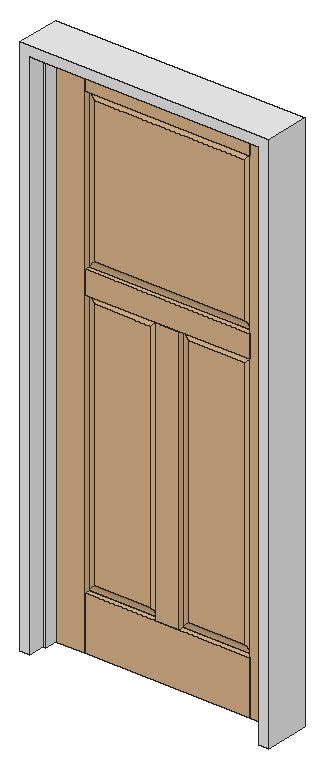
Revit family
Parameters (values of type "2 1/4" Raised Panel")
  URL = "http://www.karonadoor.com"
  Thickness Note = "Do not edit thickness."  # constant formula
  Thickness = 2.250"
  Swing Angle 2D = 90.00°
  SmartBIM Object Version = 1.1  # constant formula
  SmartBIM Object Created By = "Reed Construction Data"  # constant formula
  Rough Width = 0.000"
  Rough Height = 0.000"
  Panel = Panel_K5320_Karona : 2 1/4" - Raised Panel
  Model = "K5320 Square"  # constant formula
  Manufacturer = "Karona , Inc."  # constant formula
  Interior Panel = Wood, Cherry - Grain Vertical
  Door Panel = Wood, Cherry - Grain Vertical
  Detail Door Thickness = 2.250"
  Assembly Code = ""
  Top Rail Height = 5.000"
  Top Rail = Wood, Cherry - Grain Horizontal
  Stile Width = 5.063"
  Stile = Wood, Cherry - Grain Vertical
  Sticking = Wood, Cherry - Grain Vertical
  Middle Rail = Wood, Cherry - Grain Horizontal
  Height = 84.000"  # constant formula
  Wall Closure = (empty or 0)
  Width = 36.000"
  Frame = Metal
  Bottom Rail Height = 8.500"
  Bottom Rail = Wood, Cherry - Grain Horizontal
  95 CSI = "08210"  # constant formula
  04 CSI = "08 14 33"  # constant formula
Types (9): name | Thickness | Rough Height | Panel | Detail Door Thickness | Top Rail
  1 3/4" Flat Panel | 1.774" | 1.750" | Panel_K5320_Karona : 1 3/4" - Flat Panel | 1.750" | Wood, Cherry - Grain Horizontal
  1 3/8" Flat Panel | 1.334" | 0.000" | Panel_K5320_Karona : 1 3/8" - Flat Panel | 1.375" | Wood, Cherry - Grain Horizontal
  2 1/4" Flat Panel | 2.250" | 0.000" | Panel_K5320_Karona : 2 1/4" - Flat Panel | 2.250" | Wood, Cherry - Grain Horizontal
  1 3/4" Glass Panel | 1.774" | 1.750" | Panel_K5320_Karona : 1 3/4" - Glass Panel | 1.750" | Wood, Cherry - Grain Horizontal
  1 3/8" Glass Panel | 1.334" | 0.000" | Panel_K5320_Karona : 1 3/8" - Glass Panel | 1.375" | Wood, Cherry - Grain Vertical
  2 1/4" Glass Panel | 2.250" | 0.000" | Panel_K5320_Karona : 2 1/4" - Glass | 2.250" | Wood, Cherry - Grain Horizontal
  1 3/4" Raised Panel | 1.774" | 1.750" | Panel_K5320_Karona : 1 3/4" - Raised Panel | 1.750" | Wood, Cherry - Grain Horizontal
  1 3/8" Raised Panel | 1.334" | 0.000" | Panel_K5320_Karona : 1 3/8" - Raised Panel | 1.375" | Wood, Cherry - Grain Vertical
  2 1/4" Raised Panel | 2.250" | 0.000" | Panel_K5320_Karona : 2 1/4" - Raised Panel | 2.250" | Wood, Cherry - Grain Horizontal
Reference planes (in)
  plane 1 "Center (Front/Back)": y = 0
  plane 2 "Center (Left/Right)": x = 0
  plane 3 "Left": x = -18
  plane 4 "Right": x = 18
  plane 5 "Top": z = 84
  plane 6 "Exterior Edge of Frame": y = 3.5
  plane 7 "Interior Edge of Frame": y = -3.5
  plane 8: y = 1
  plane 9: y = -1
  plane 10 "Opening Left": x = -19.5
  plane 11 "Opening Right": x = 19.5
  plane 12 "Top of Opening": z = 85.5
  plane 13: x = -17.5
Forms (in)
  Sweep 1, solid, material "Metal" <- "Frame"
    path origin (0, 0, 0) x (1, 0, 0) y (0, 0, 1)
      loop
        line (-19.5, 0) -> (-19.5, 85.5) -> (19.5, 85.5) -> (19.5, 0)
    profile origin (-19.5, 0, 42.75) x (-1, 0, 0) y (0, -1, 0)
      loop
        line (0, -3.5) -> (0, 3.5) -> (-1.5, 3.5) -> (-1.5, 1) -> (-2, 1) -> (-2, -1) -> (-1.5, -1) -> (-1.5, -3.5) -> (0, -3.5)
Lines and regions (in)
  Opening 1
    outline origin (-90, -3, 0) x (1, 0, 0) y (0, 0, 1)
      loop
        line (70.5, 0) -> (109.5, 0) -> (109.5, 85.5) -> (70.5, 85.5) -> (70.5, 0)
  symbolic lines, style "Elevation Swing"
    curve 1: line (18, 3, 0) -> (-18, 3, 42)
    curve 2: line (-18, 3, 42) -> (18, 3, 84)
Text (in)
  text "Exterior" at (-46.13199, 20.20143, 0), in view "Ref. Level"
  text "Interior" at (-46.13199, -10.56751, 0), in view "Ref. Level"
  text "Exterior" at (0, 40.15149, 123.01588), in view "Right"
  text "Interior" at (0, -64.39139, 123.01588), in view "Right"
  text "Interior" at (0, -31.01599, 123.00693), in view "Left"
  text "Exterior" at (0, 54.57065, 123.00693), in view "Left"
Dimensions and locks (in)
  "Height": level to plane 5 "Top"
  "Width": plane 3 "Left" to plane 4 "Right"
  equal spacing: host wall, curve 2, plane 5 "Top"
  locked: host wall to plane 7 "Interior Edge of Frame" at 0.5
  locked: plane 6 "Exterior Edge of Frame" to host wall at 0.5
  locked: plane 9 to plane 7 "Interior Edge of Frame" at 2.5
  locked: plane 6 "Exterior Edge of Frame" to plane 8 at 2.5
  equal spacing: plane 3 "Left", plane 2 "Center (Left/Right)", plane 4 "Right"
  locked: plane 4 "Right" to plane 11 "Opening Right" at 1.5
  locked: plane 5 "Top" to plane 12 "Top of Opening" at 1.5
  locked: plane 3 "Left" to plane 13 at 0.5
  locked: plane 10 "Opening Left" to plane 3 "Left" at 1.5
  aligned and locked: Opening 1 sketch curve to level
  aligned and locked: plane 4 "Right" to curve 1
  aligned and locked: plane 3 "Left" to curve 1
  aligned and locked: plane 5 "Top" to curve 2
  aligned and locked: Opening 1 sketch curve to plane 11 "Opening Right"
  aligned and locked: plane 12 "Top of Opening" to Opening 1 sketch curve
  aligned and locked: Opening 1 sketch curve to plane 10 "Opening Left"
  aligned and locked: plane 10 "Opening Left" to Sweep 1 sketch curve
  aligned and locked: plane 12 "Top of Opening" to Sweep 1 sketch curve
  aligned and locked: plane 11 "Opening Right" to Sweep 1 sketch curve
  aligned and locked: level to Sweep 1 sketch curve  (x2)
  aligned and locked: Sweep 1 sketch curve to plane 10 "Opening Left"
  aligned and locked: Sweep 1 sketch curve to plane 6 "Exterior Edge of Frame"
  aligned and locked: Sweep 1 sketch curve to plane 7 "Interior Edge of Frame"
  aligned and locked: Sweep 1 sketch curve to plane 8
  aligned and locked: Sweep 1 sketch curve to plane 9
  aligned and locked: plane 13 to Sweep 1 sketch curve
  aligned and locked: plane 3 "Left" to Sweep 1 sketch curve  (x2)
  aligned and locked: nested 1 to plane 2 "Center (Left/Right)"
  aligned and locked: nested 1 to plane 8
  aligned and locked: nested 2 to plane 3 "Left"
  aligned and locked: nested 2 to plane 8
Automatic sketch dimensions
  curve 1 to level = 0.000"
  curve 2 to plane 4 "Right" = 0.000"
Nested families (in)
  nested 1: "Panel_K5320_Karona" at (-13.5, 0.8935, 0) x (-1, 0, 0) z (0, 0, 1), type <- "Panel", type "2 1/4" - Raised Panel"
  nested 2: "Door Panel Plan View" at (-31.5, 1, 0) x (-1, 0, 0) z (0, 0, 1), type "Door Panel Plan View"
    with Thickness 2.250", Height 84.000"
Definition of nested family "Panel_K5320_Karona"
  Parameters (values of type "1 3/4" - Raised Panel")
    Width = 36.000"
    Top Rail Material = Wood, Cherry - Grain Horizontal
    Top Rail Height = 5.000"
    Top Panel Offset = 16.542"
    Thickness Note = "Do not change door thickness"  # constant formula
    Thickness = 1.774"
    Stile Width = 5.063"
    Stile Material = Wood, Cherry - Grain Vertical
    Sticking Material = Wood, Cherry - Grain Vertical
    Panel Width = Width - (2 * Stile Width)  # 25.874"
    Panel Height = Height - (Top Rail Height + Bottom Height)  # 41.000"
    Panel = Glass-Sticking-Assembly-Square_Karona : Raised Panel
    Mullion Width = 3.625"  # constant formula
    Middle Panel Height = Height - (2 * Panel Height + Top Rail Height + Bottom Rail Height + 2 * Mullion Width)  # -9.250"
    Interior Panel = Wood, Cherry - Grain Vertical
    Height = 100.000"
    Exterior Edge - Glass Bottom Offset = if(Thickness = 1.774", 0.567", if(Thickness = 2.250", 0.803", 0.469"))  # 0.567"
    Door Panel Material = Wood, Cherry - Grain Vertical
    Default Elevation = 0.000"  # constant formula
    Bottom Rail Material = Wood, Cherry - Grain Horizontal
    Bottom Rail Height = 15.000"
    Bottom Panel Width = (Width - ((2 * Stile Width) + Mullion Width)) / 2  # 11.1245"
    Bottom Panel Height = Bottom Height - (Mullion Width + Bottom Rail Height)  # 35.375"
    Bottom Height = 54.000"
    Assembly Code = ""
  Types (9): name | Top Panel Offset | Thickness | Panel Height | Panel | Middle Panel Height | Interior Panel | Height | Exterior Edge - Glass Bottom Offset | Bottom Rail Height | Bottom Panel Height
    2 1/4" - Flat Panel | 14.875" | 2.250" | 25.000" | Glass-Sticking-Assembly-Square_Karona : Flat Panel | 13.250" | Wood, Cherry - Grain Vertical | 84.000" | 0.803" | 8.500" | 41.875"
    2 1/4" - Glass | 14.875" | 2.250" | 25.000" | Glass-Sticking-Assembly-Square_Karona : Glass Panel | 13.250" | Glass | 84.000" | 0.803" | 8.500" | 41.875"
    2 1/4" - Raised Panel | 14.875" | 2.250" | 25.000" | Glass-Sticking-Assembly-Square_Karona : Raised Panel | 13.250" | Wood, Cherry - Grain Vertical | 84.000" | 0.803" | 8.500" | 41.875"
    1 3/4" - Raised Panel | 16.542" | 1.774" | 41.000" | Glass-Sticking-Assembly-Square_Karona : Raised Panel | -9.250" | Wood, Cherry - Grain Vertical | 100.000" | 0.567" | 15.000" | 35.375"
    1 3/4" - Flat Panel | 14.875" | 1.774" | 25.000" | Glass-Sticking-Assembly-Square_Karona : Flat Panel | 13.250" | Wood, Cherry - Grain Vertical | 84.000" | 0.567" | 8.500" | 41.875"
    1 3/4" - Glass Panel | 14.875" | 1.774" | 25.000" | Glass-Sticking-Assembly-Square_Karona : Glass Panel | 13.250" | Glass | 84.000" | 0.567" | 8.500" | 41.875"
    1 3/8" - Raised Panel | 14.875" | 1.334" | 25.000" | Glass-Sticking-Assembly-Square_Karona : Raised Panel | 13.250" | Wood, Cherry - Grain Vertical | 84.000" | 0.469" | 8.500" | 41.875"
    1 3/8" - Glass Panel | 14.875" | 1.334" | 25.000" | Glass-Sticking-Assembly-Square_Karona : Glass Panel | 13.250" | Glass | 84.000" | 0.469" | 8.500" | 41.875"
    1 3/8" - Flat Panel | 14.875" | 1.334" | 25.000" | Glass-Sticking-Assembly-Square_Karona : Flat Panel | 13.250" | Wood, Cherry - Grain Vertical | 84.000" | 0.469" | 8.500" | 41.875"
  Reference planes (in)
    plane 1 "Center (Front/Back)": y = 1.2295
    plane 2: z = 0
    plane 3 "Center (Left/Right)": x = -13.5
    plane 4 "Left": x = -31.5
    plane 5: x = 4.5
    plane 6 "Inner Left": x = -26.437
    plane 7 "Inner Right": x = -0.563
    plane 8 "Bottom Of Top Rail": z = 95
    plane 9 "Top": z = 100
    plane 10 "Interior Edge of Door": y = 2.1165
    plane 11: z = 95
    plane 12 "Exterior Edge of Door": y = 0.3425
    plane 13 "Bottom of Glass": y = 0.9095
    plane 14 "Left Panel Vertical Midline": x = -13.5
    plane 15: z = 54
    plane 16: z = 50.375
    plane 17: z = 54
    plane 18: z = 50.375
    plane 19: z = 15
    plane 20: z = 74.5
    plane 21: z = 32.6875
    plane 22: z = 52.1875
    plane 23: x = -20.87475
    plane 24: x = -6.12525
    plane 25: x = -15.3125
    plane 26: x = -11.6875
  Forms (in)
    Extrusion 1, solid, material "Wood, Cherry - Grain Horizontal" <- "Bottom Rail Material"
      sketch origin (0, -101.3125, 0) x (1, 0, 0) y (0, 0, 1)
        loop
          line (-26.437, 0) -> (-0.563, 0) -> (-0.563, 15) -> (-26.437, 15) -> (-26.437, 0)
      from -103.429 to -101.655
    Extrusion 2, solid, material "Wood, Cherry - Grain Vertical" <- "Stile Material"
      sketch origin (0, 1.2295, 0) x (1, 0, 0) y (0, 0, 1)
        loop
          line (-31.5, 100) -> (-31.5, 0) -> (-26.437, 0) -> (-26.437, 100) -> (-31.5, 100)
        loop
          line (-0.563, 0) -> (4.5, 0) -> (4.5, 100) -> (-0.563, 100) -> (-0.563, 0)
      from -0.887 to 0.887
    Extrusion 3, solid, material "Wood, Cherry - Grain Horizontal" <- "Top Rail Material"
      sketch origin (0, 1.2295, 0) x (1, 0, 0) y (0, 0, 1)
        loop
          line (-26.437, 100) -> (-26.437, 95) -> (-0.563, 95) -> (-0.563, 100) -> (-26.437, 100)
      from -0.887 to 0.887
    Extrusion 4, solid, material "Wood, Cherry - Grain Horizontal" <- "Top Rail Material"
      sketch origin (0, 1.2295, 0) x (1, 0, 0) y (0, 0, 1)
        loop
          line (-26.437, 50.375) -> (-0.563, 50.375) -> (-0.563, 54) -> (-26.437, 54) -> (-26.437, 50.375)
      from -0.887 to 0.887
    Extrusion 5, solid, material "Wood, Cherry - Grain Vertical" <- "Door Panel Material"
      sketch origin (0, 1.2295, 0) x (1, 0, 0) y (0, 0, 1)
        loop
          line (-15.3125, 50.375) -> (-15.3125, 15) -> (-11.6875, 15) -> (-11.6875, 50.375) -> (-15.3125, 50.375)
      from -0.887 to 0.887
  Text (in)
    text "EXTERIOR" at (-34.59289, -1.27941, 0), in view "Ref. Level"
    text "EXTERIOR" at (0, -9.65287, 72.76687), in view "Left"
    text "EXTERIOR" at (0, -33.33473, 96.68074), in view "Right"
  Dimensions and locks (in)
    equal spacing: plane 4 "Left", plane 3 "Center (Left/Right)", plane 5
    "Width": plane 4 "Left" to plane 5
    "Stile Width": plane 4 "Left" to plane 6 "Inner Left"
    "Stile Width": plane 5 to plane 7 "Inner Right"
    "Top Rail Height": plane 9 "Top" to plane 8 "Bottom Of Top Rail"
    "Height": plane 9 "Top" to plane 2
    equal spacing: plane 10 "Interior Edge of Door", plane 1 "Center (Front/Back)", plane 12 "Exterior Edge of Door"
    "Thickness": plane 10 "Interior Edge of Door" to plane 12 "Exterior Edge of Door"
    "Exterior Edge - Glass Bottom Offset": plane 13 "Bottom of Glass" to plane 12 "Exterior Edge of Door"
    "Exterior Edge - Glass Bottom Offset": plane 12 "Exterior Edge of Door" to plane 13 "Bottom of Glass"
    "Mullion Width": plane 15 to plane 16
    "Bottom Rail Height": plane 19 to level
    "Panel Height": plane 11 to plane 15
    equal spacing: plane 11, plane 20, plane 15
    equal spacing: plane 18, plane 21, plane 19
    "Mullion Width": plane 17 to plane 18
    equal spacing: plane 17, plane 22, plane 16
    "Mullion Width": plane 26 to plane 25
    equal spacing: plane 25, plane 23, plane 6 "Inner Left"
    equal spacing: plane 26, plane 24, plane 7 "Inner Right"
    equal spacing: plane 26, plane 3 "Center (Left/Right)", plane 25
    "Bottom Height": plane 17 to level
    aligned and locked: Extrusion 1 to plane 2
    aligned and locked: plane 10 "Interior Edge of Door" to Extrusion 1
    aligned and locked: plane 4 "Left" to Extrusion 2 sketch curve
    aligned and locked: Extrusion 2 sketch curve to plane 9 "Top"
    aligned and locked: Extrusion 2 sketch curve to Extrusion 1  (x3)
    aligned and locked: Extrusion 1 to Extrusion 2 sketch curve
    aligned and locked: plane 9 "Top" to Extrusion 2 sketch curve
    aligned and locked: plane 5 to Extrusion 2 sketch curve
    aligned and locked: plane 10 "Interior Edge of Door" to Extrusion 2
    aligned and locked: Extrusion 2 to Extrusion 3 sketch curve
    aligned and locked: Extrusion 3 sketch curve to Extrusion 2
    aligned and locked: plane 10 "Interior Edge of Door" to Extrusion 3
    aligned and locked: plane 11 to plane 8 "Bottom Of Top Rail"
    aligned and locked: level to plane 2
    aligned and locked: Extrusion 3 to plane 12 "Exterior Edge of Door"
    aligned and locked: Extrusion 3 to plane 10 "Interior Edge of Door"
    aligned and locked: Extrusion 2 to plane 12 "Exterior Edge of Door"
    aligned and locked: Extrusion 3 to plane 11
    aligned and locked: Extrusion 1 to Extrusion 2
    aligned and locked: nested 1 to plane 1 "Center (Front/Back)"
    aligned and locked: plane 14 "Left Panel Vertical Midline" to nested 2
    aligned and locked: plane 20 to nested 2
    aligned and locked: Extrusion 4 sketch curve to plane 18
    aligned and locked: Extrusion 4 sketch curve to plane 6 "Inner Left"
    aligned and locked: Extrusion 4 sketch curve to plane 7 "Inner Right"
    aligned and locked: Extrusion 4 sketch curve to plane 17
    aligned and locked: plane 10 "Interior Edge of Door" to Extrusion 4
    aligned and locked: Extrusion 4 to plane 12 "Exterior Edge of Door"
    aligned and locked: plane 23 to nested 1
    aligned and locked: plane 24 to nested 3
    aligned and locked: nested 3 to plane 21
    aligned and locked: plane 1 "Center (Front/Back)" to nested 3
    aligned and locked: Extrusion 5 sketch curve to plane 25
    aligned and locked: plane 26 to Extrusion 5 sketch curve
    aligned and locked: Extrusion 5 sketch curve to plane 18
    aligned and locked: Extrusion 5 sketch curve to plane 19
    aligned and locked: plane 10 "Interior Edge of Door" to Extrusion 5
    aligned and locked: Extrusion 5 to plane 12 "Exterior Edge of Door"
    aligned and locked: plane 21 to nested 1
    aligned and locked: plane 19 to Extrusion 1
  Automatic sketch dimensions
    Extrusion 1 sketch curve to plane 6 "Inner Left" = 0.000"
    Extrusion 1 sketch curve to plane 7 "Inner Right" = 0.000"
    Extrusion 1 sketch curve to level = 0.000"
    Extrusion 3 sketch curve to plane 7 "Inner Right" = 0.000"
    plane 8 "Bottom Of Top Rail" to Extrusion 3 sketch curve = 0.000"
    level to Extrusion 1 sketch curve = 15.000"
  Nested families (in)
    nested 1: "Glass-Sticking-Assembly-Square_Karona" at (-21.3435, 1.38, 15), Width <- "Bottom Panel Width", Height <- "Bottom Panel Height", type <- "Panel", type "Raised Panel"
      with Width 11.1245", Height 35.375"
    nested 2: "Glass-Sticking-Assembly-Square_Karona" at (-13.96875, 1.382, 54), Width <- "Panel Width", Height <- "Panel Height", type <- "Panel", type "Raised Panel"
      with Width 25.874", Height 41.000"
    nested 3: "Glass-Sticking-Assembly-Square_Karona" at (-5.6565, 1.38, 15) x (-1, 0, 0) z (0, 0, 1), Width <- "Bottom Panel Width", Height <- "Bottom Panel Height", type <- "Panel", type "Raised Panel"
      with Width 11.1245", Height 35.375"
  Definition of nested family "Glass-Sticking-Assembly-Square_Karona"
    Parameters (values of type "Glass Panel")
      Width [instance] = 19.000"
      Stop Adjustment = if(and(not(Glass Panel), Door Thickness = 1.774"), 0.513", if(and(not(Glass Panel), Door Thickness = 2.250"), 0.513", if((Glass Panel), 0.125", 0.273")))  # 0.125"
      Profile = Wood, Cherry - Grain Vertical
      Height [instance] = 23.000"
      Raised Panel = no
      Interior Panel = Wood, Cherry - Grain Vertical
      Glass Panel = yes
      Door Thickness = 1.774"
      C = if(Glass Panel, 0.125", if(Door Thickness = 1.774", 0.200", if(Door Thickness = 2.250", 0.439", 0.191")))  # 0.125"
      B = if(Door Thickness = 1.774", 0.567", if(Door Thickness = 2.250", 0.803", 0.469"))  # 0.567"
      Assembly Code = ""
      A = if(Door Thickness = 1.774", 0.197", if(Door Thickness = 2.250", 0.433", 0.194"))  # 0.197"
    Types (3): name | Width | Stop Adjustment | Raised Panel | Glass Panel | C
      Glass Panel | 19.000" | 0.125" | no | yes | 0.125"
      Flat Panel | 4.500" | 0.513" | no | no | 0.200"
      Raised Panel | 4.000" | 0.513" | yes | no | 0.200"
    Reference planes (in)
      plane 1 "Stop Adjustment Edge": y = -0.3455
      plane 2: z = 0
      plane 3 "Center (Left/Right)": x = 0.46875
      plane 4 "Back": y = 0.7365
      plane 5 "Front": y = -1.0375
      plane 6 "Left": x = -9.03125
      plane 7 "Right": x = 9.96875
      plane 8 "Top": z = 23
      plane 9 "Center (Up/Down)": z = 11.5
      plane 10 "Bottom of Stop": y = -0.2205
      plane 11 "Bottom of Glass": y = -0.4705
      plane 12 "Right Edge of Glass": x = 10.35675
      plane 13 "Left Edge of Glass": x = -9.41925
      plane 14 "Top Edge of Glass": z = 23.34425
      plane 15 "Bottom Edge of Glass": z = -0.34425
      plane 16 "A": y = -0.8405
      plane 17 "C": y = 0.6115
      plane 18: z = 0.438
      plane 19: z = 22.562
      plane 20: x = -8.59325
      plane 21: x = 9.53075
      plane 22 "Center (Front/Back)": y = -0.1505
      plane 23: x = -9.46925
      plane 24: x = 10.40675
      plane 25: z = 23.438
      plane 26: z = -0.438
    Forms (in)
      Extrusion 1, solid, material "Wood, Cherry - Grain Vertical" <- "Interior Panel"
        sketch origin (0, 0, 0) x (1, 0, 0) y (0, 1, 0)
          loop
            line (-9.41925, -0.2205) -> (-9.41925, -0.4705) -> (10.35675, -0.4705) -> (10.35675, -0.2205) -> (-9.41925, -0.2205)
        from -0.34425 to 23.34425
      Extrusion 2, solid, material "Wood, Cherry - Grain Vertical" <- "Profile", visible <- "Raised Panel"
        sketch origin (0, 0, 0) x (1, 0, 0) y (0, 1, 0)
          loop
            line (9.96875, 0.6115) -> (-9.03125, 0.6115) -> (-9.03125, -0.2205) -> (9.96875, -0.2205) -> (9.96875, 0.6115)
          loop
            line (-9.03125, -0.4705) -> (-9.03125, -0.8405) -> (9.96875, -0.8405) -> (9.96875, -0.4705) -> (-9.03125, -0.4705)
        from 0 to 23
      Sweep 3, void
        path origin (0, -0.2205, 0) x (-1, 0, 0) y (0, 0, 1)
          loop
            line (9.46925, -0.438) -> (9.46925, 23.438) -> (-10.40675, 23.438) -> (-10.40675, -0.438) -> (9.46925, -0.438)
        profile "Profile : 05" origin (-9.46925, -0.2205, 11.5) x (1, 0, 0) y (0, 1, 0)
          loop
            line (0, 0.05) -> (0.36169, 0.05096)
            arc (0.36169, 0.05096) -> (1.01257, 0.13642) -> (1.61934, 0.387) r 2.52143
            line (1.61934, 0.387) -> (0, 0.387) -> (0, 0.05)
      Sweep 4, void
        path origin (0, -0.4705, 0) x (-1, 0, 0) y (0, 0, 1)
          loop
            line (-10.40675, 23.438) -> (-10.40675, -0.438) -> (9.46925, -0.438) -> (9.46925, 23.438) -> (-10.40675, 23.438)
        profile "Profile : 05" origin (10.40675, -0.4705, 11.5) x (-1, 0, 0) y (0, 1, 0)
          loop
            line (0, -0.05) -> (0, -0.387) -> (1.61934, -0.387)
            arc (1.61934, -0.387) -> (1.01257, -0.13642) -> (0.36169, -0.05096) r 2.52143
            line (0.36169, -0.05096) -> (0, -0.05)
    Cuts and joins
      Sweep 3, Sweep 4 cuts Extrusion 2
    Text (in)
      text "INTERIOR" at (-14.3788, 3.49864, 0), in view "Ref. Level"
    Dimensions and locks (in)
      equal spacing: plane 6 "Left", plane 3 "Center (Left/Right)", plane 7 "Right"
      "Width": plane 6 "Left" to plane 7 "Right"
      "Door Thickness": plane 4 "Back" to plane 5 "Front"
      "Height": plane 8 "Top" to plane 2
      equal spacing: plane 8 "Top", plane 9 "Center (Up/Down)", level
      locked: plane 1 "Stop Adjustment Edge" to plane 11 "Bottom of Glass" at 0.125
      "Stop Adjustment": plane 10 "Bottom of Stop" to plane 1 "Stop Adjustment Edge"
      locked: plane 7 "Right" to plane 12 "Right Edge of Glass" at 0.388
      locked: plane 14 "Top Edge of Glass" to plane 8 "Top" at 0.34425
      locked: level to plane 15 "Bottom Edge of Glass" at 0.34425
      locked: plane 13 "Left Edge of Glass" to plane 6 "Left" at 0.388
      "B": plane 5 "Front" to plane 11 "Bottom of Glass"
      "A": plane 5 "Front" to plane 16 "A"
      "C": plane 17 "C" to plane 4 "Back"
      locked: plane 18 to level at 0.438
      locked: plane 8 "Top" to plane 19 at 0.438
      locked: plane 6 "Left" to plane 20 at 0.438
      locked: plane 21 to plane 7 "Right" at 0.438
      equal spacing: plane 4 "Back", plane 22 "Center (Front/Back)", plane 5 "Front"
      locked: plane 23 to plane 13 "Left Edge of Glass" at 0.05
      locked: plane 12 "Right Edge of Glass" to plane 24 at 0.05
      locked: plane 25 to plane 14 "Top Edge of Glass" at 0.09375
      locked: plane 15 "Bottom Edge of Glass" to plane 26 at 0.09375
      aligned and locked: Extrusion 1 sketch curve to plane 13 "Left Edge of Glass"
      aligned and locked: Extrusion 1 sketch curve to plane 10 "Bottom of Stop"
      aligned and locked: Extrusion 1 sketch curve to plane 11 "Bottom of Glass"
      aligned and locked: Extrusion 1 sketch curve to plane 12 "Right Edge of Glass"
      aligned and locked: plane 14 "Top Edge of Glass" to Extrusion 1
      aligned and locked: Extrusion 1 to plane 15 "Bottom Edge of Glass"
      aligned and locked: Extrusion 2 sketch curve to plane 17 "C"
      aligned and locked: Extrusion 2 sketch curve to plane 10 "Bottom of Stop"
      aligned and locked: Extrusion 2 sketch curve to plane 11 "Bottom of Glass"
      aligned and locked: Extrusion 2 sketch curve to plane 16 "A"
      aligned and locked: plane 25 to Sweep 4 sketch curve
      aligned and locked: Sweep 4 sketch curve to plane 23
      aligned and locked: plane 24 to Sweep 4 sketch curve
      aligned and locked: Sweep 4 sketch curve to plane 26
      aligned and locked: plane 25 to Sweep 3 sketch curve
      aligned and locked: plane 24 to Sweep 3 sketch curve
      aligned and locked: Sweep 3 sketch curve to plane 23
      aligned and locked: Sweep 3 sketch curve to plane 26
      aligned and locked: plane 6 "Left" to Extrusion 2 sketch curve  (x2)
      aligned and locked: plane 7 "Right" to Extrusion 2 sketch curve  (x2)
      aligned and locked: plane 8 "Top" to Extrusion 2
      aligned and locked: Extrusion 2 to level
Definition of nested family "Door Panel Plan View"
  Parameters (values of type "Door Panel Plan View")
    Width = 36.000"
    Thickness = 2.000"
    Swing Angle 2D = 90.00°
    Height = 0.000"
    Assembly Code = ""
  Reference planes (in)
    plane 1 "Center (Front/Back)": y = 0
    plane 2: z = 0
    plane 3 "Center (Left/Right)": x = -13.5
  Lines and regions (in)
    symbolic lines, style "DoorsPanelProjection"
      curve 1: line (-13.5, 0, 0) -> (-13.5, 36, 0)
      curve 2: line (-15.5, 0, 0) -> (-15.5, 36, 0)
      curve 3: line (-13.5, 0, 0) -> (-15.5, 0, 0)
      curve 4: line (-13.5, 36, 0) -> (-15.5, 36, 0)
    symbolic lines, style "Plan Swing"
      curve 5: arc (-13.5, 36, 0) -> (-38.95584, 25.45584, 0) -> (-49.5, 0, 0) r 36
  Dimensions and locks (in)
    "Width": curve 4 to curve 3
    "Thickness": curve 1 to curve 2
    "Swing Angle 2D": angle curve 1 to plane 1 "Center (Front/Back)"
    aligned and locked: plane 1 "Center (Front/Back)" to curve 5
  Automatic sketch dimensions
    curve 3 to plane 1 "Center (Front/Back)" = 0.000"
    curve 5 to plane 3 "Center (Left/Right)" = 0.000"
    curve 3 to plane 3 "Center (Left/Right)" = 0.000"
